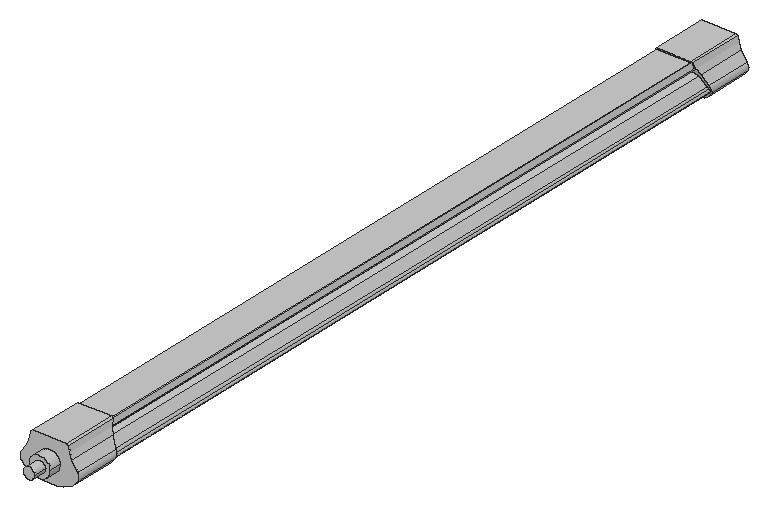
Revit family "NNFC4039188", category 照明器具, Revit 2018
Family settings
  丸型コネクタ寸法 = 直径を使用
  パーツ タイプ = 標準
  OmniClass 番号 = 23.80.70.00
  OmniClass タイトル = Lighting
  作業面ベース = はい
  常に垂直 = いいえ
  ロード時にボイドで切り取り = いいえ
  光源 = はい
  共有 = いいえ
  部屋計算ポイント = いいえ
Parameters (values of type "NNFC4039188")
  built-in parameter 1150110 = 1 (stored number, unit not read)
  長方形の長さに沿って放射 = 80 mm
  長方形の幅に沿って放射 = 1090 mm
  built-in parameter 1150133 = 10 (stored number, unit not read)
  Dimming Lamp Color Temperature Shift = (empty or 0)
  説明 = "NNFC4039188"
  製造元 = "Panasonic Corp."
  built-in parameter 1150104 = 13.8 (stored number, unit not read)
  built-in parameter 1150115 = 1 (stored number, unit not read)
  built-in parameter 1150137 = 1
  built-in parameter 1150106 = 14.036 (stored number, unit not read)
  built-in parameter 1150134 = 1
  built-in parameter 1150109 = 1 (stored number, unit not read)
  Default Elevation = 0 mm
  built-in parameter 1114218 = 1 (stored number, unit not read)
  built-in parameter 1114217 = 1 (stored number, unit not read)
  built-in parameter 1150102 = (empty or 0)
  built-in parameter 1150107 = 6500 (stored number, unit not read)
  built-in parameter 1150138 = (empty or 0)
  built-in parameter 1150132 = 2
  Lumens = 4500 lm
  built-in parameter 1150105 = 1403.6 (stored number, unit not read)
  Tilt Angle = 90.00°
  built-in parameter 1150139 = (empty or 0)
  Cost = 63000
  Wattage = 30.2945 W
  Emit Shape Visible in Rendering = no
  built-in parameter 1150112 = 1 (stored number, unit not read)
  built-in parameter 1150114 = 1 (stored number, unit not read)
  Lamp = ""
  モデル = "LED Splash Proof Ex Series 2G 4FT"
  フォトメトリック Web ファイル = "NNFC4039188.ies"
  タイプの説明 = "Splash Proof"
  Type Image = (empty or 0)
  built-in parameter 1150113 = 1 (stored number, unit not read)
  Color Filter = 16777215
  Voltage = 230 V
  Width = 0 mm
  URL = "https://panasonic.net/electricworks/lighting/"
  Light Source = PC
  Height = 0 mm
  Length = 0 mm
  Body = PC(White)
Reference planes
  plane 1 "Light Source Axis (F/B)": y = 0
  plane 2: z = 0
  plane 3 "Light Source Axis (L/R)": x = 0
  plane 4 "Light Source Elevation": z = 0
  plane 5: y = -642.95
Forms (mm)
  Extrusion 1, solid, material "PC(White)" <- "Body"
    sketch origin (0, 0, 0) x (1, 0, 0) y (0, 0, 1)
      loop
        line (-25.218, 0) -> (-27.214, -1.907)
        arc (-27.214, -1.907) -> (-28.908, -10.625) -> (-32.373, -18.803) r 42.597
        arc (-32.373, -18.803) -> (-36.385, -25.645) -> (-40.735, -32.276) r 157.997
        arc (-40.735, -32.276) -> (-42.634, -38.352) -> (-40.735, -44.427) r 10.672
        arc (-40.735, -44.427) -> (-35.839, -49.798) -> (-29.7, -53.687) r 27.299
        arc (-29.7, -53.687) -> (-15.201, -58.496) -> (0, -60) r 69.051
        arc (0, -60) -> (15.201, -58.496) -> (29.7, -53.687) r 69.051
        arc (29.7, -53.687) -> (35.839, -49.798) -> (40.735, -44.427) r 27.299
        arc (40.735, -44.427) -> (42.634, -38.352) -> (40.735, -32.276) r 10.672
        arc (40.735, -32.276) -> (36.385, -25.645) -> (32.373, -18.803) r 157.997
        arc (32.373, -18.803) -> (28.908, -10.625) -> (27.214, -1.907) r 42.597
        line (27.214, -1.907) -> (25.218, 0) -> (-25.218, 0)
    from -606 to 606
  Extrusion 2, void
    sketch origin (0, 0, 0) x (0, 1, 0) y (0, 0, 1)
      loop
        line (522.06, 5) -> (-522.06, 5)
        arc (-522.06, 5) -> (-536.079, -29.434) -> (-546.912, -65) r 408.841
        line (-546.912, -65) -> (546.912, -65)
        arc (546.912, -65) -> (536.079, -29.434) -> (522.06, 5) r 408.841
    from -50 to 50
  Extrusion 3, solid, material "PC" <- "Light Source"
    sketch origin (0, 0, 0) x (1, 0, 0) y (0, 0, 1)
      loop
        arc (-40.06, -37.258) -> (-39.908, -40.26) -> (-38.68, -43.004) r 8.172
        arc (-38.68, -43.004) -> (-34.232, -47.883) -> (-28.655, -51.416) r 24.799
        arc (-28.655, -51.416) -> (-14.666, -56.054) -> (0, -57.5) r 66.551
        arc (0, -57.5) -> (14.666, -56.054) -> (28.655, -51.416) r 66.551
        arc (28.655, -51.416) -> (34.232, -47.883) -> (38.68, -43.004) r 24.799
        arc (38.68, -43.004) -> (39.908, -40.26) -> (40.06, -37.258) r 8.172
        line (40.06, -37.258) -> (-40.06, -37.258)
    from -606 to 606
  Extrusion 4, solid, material "PC(White)" <- "Body"
    sketch origin (0, 0, 0) x (1, 0, 0) y (0, 0, 1)
      loop
        arc (40.06, -37.258) -> (39.581, -35.397) -> (38.68, -33.7) r 8.172
        arc (38.68, -33.7) -> (34.371, -27.139) -> (30.387, -20.375) r 160.497
        line (30.387, -20.375) -> (22.143, -16.613) -> (22.143, -12.613) -> (25.153, -12.613)
        arc (25.153, -12.613) -> (26.384, -12.103) -> (26.894, -10.872) r 1.741
        arc (26.894, -10.872) -> (25.91, -6.892) -> (25.295, -2.839) r 44.597
        line (25.295, -2.839) -> (24.416, -2) -> (-24.416, -2) -> (-25.295, -2.839)
        arc (-25.295, -2.839) -> (-25.91, -6.892) -> (-26.894, -10.872) r 44.597
        arc (-26.894, -10.872) -> (-26.384, -12.103) -> (-25.153, -12.613) r 1.741
        line (-25.153, -12.613) -> (-22.143, -12.613) -> (-22.143, -16.613) -> (-30.387, -20.375)
        arc (-30.387, -20.375) -> (-34.371, -27.139) -> (-38.68, -33.7) r 160.497
        arc (-38.68, -33.7) -> (-39.581, -35.397) -> (-40.06, -37.258) r 8.172
        line (-40.06, -37.258) -> (40.06, -37.258)
    from -606 to 606
  Extrusion 5, void
    sketch origin (0, 0, 0) x (0, 1, 0) y (0, 0, 1)
      loop
        line (606, 5) -> (522.06, 5)
        arc (522.06, 5) -> (536.079, -29.434) -> (546.912, -65) r 408.841
        line (546.912, -65) -> (606, -65) -> (606, 5)
      loop
        line (-606, 5) -> (-606, -65) -> (-546.912, -65)
        arc (-546.912, -65) -> (-536.079, -29.434) -> (-522.06, 5) r 408.841
        line (-522.06, 5) -> (-606, 5)
    from -50 to 50
  Extrusion 6, solid, material "PC(White)" <- "Body"
    sketch origin (0, 0, -4) x (1, 0, 0) y (0, 0, 1)
      loop
        circle (0, -27) r 15
    from 606 to 624
  Extrusion 7, solid, material "PC(White)" <- "Body"
    sketch origin (0, 0, -4) x (1, 0, 0) y (0, 0, 1)
      loop
        circle (0, -27) r 8
    from 624 to 642.95
Cuts and joins
  Extrusion 2 cuts Extrusion 1
  Extrusion 5 cuts Extrusion 3
  Extrusion 5 cuts Extrusion 4
Dimensions and locks
  aligned and locked: level to plane 2
Connectors
  electrical at (0, -642.95, -31)
    settings: on plane 5, index 1, voltage 0 V, apparent load 0 VA, apparent load phase1 0 VA, apparent load phase2 0 VA, apparent load phase3 0 VA, power factor 1, load classification "Other", number of poles 1, system type 30, power factor state 1, is connector primary yes, connector utility no, sub classification motor no, connector description ""
